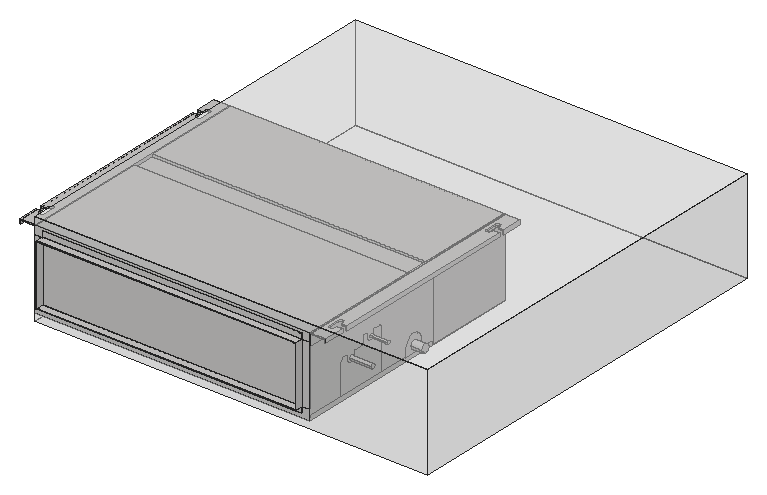
Revit family "outputfile", category 機械設備, Revit 2024
Family settings
  丸型コネクタ寸法 = 半径を使用
  パーツ タイプ = 標準
  OmniClass 番号 = 23.75.10.24.21.27.27
  OmniClass タイトル = Split System Air Conditioning Units
  作業面ベース = いいえ
  常に垂直 = はい
  ロード時にボイドで切り取り = いいえ
  注釈の向きを維持 = いいえ
  共有 = いいえ
  部屋計算ポイント = はい
Parameters (values of type "FDKS35EAVMB")
  Description = ""
  書き出し IFC クラス(タイプ) = "IfcUnitaryEquipmentType"
  定義済み IFC タイプ(タイプ) = "AIRCONDITIONINGUNIT"
  Cost = 0
  Type Comments = ""
  Keynote = ""
  Type Image = (empty or 0)
  Assembly Code = ""
  switch_frequency = yes
  ld_powersupply = Depth / 2  # 310.0 mm
  製造元 = "Daikin"
  モデル = "FDKS35EAVMB"
  r_Liquid Pipe Size = Liquid Pipe Size / 2  # 3.2 mm
  r_Gas Pipe Size = Gas Pipe Size / 2  # 4.75 mm
  r_Drain Pipe Size = Drain Pipe Size / 2  # 10.0 mm
  lw_powersupply = 50.0 mm  # constant formula
  lw_ductflange2 = 620.0 mm
  lw_Width = 660.0 mm
  lh_suctionflange [instance] = 100.0 mm  # constant formula
  ld_suctionflange [instance] = if(Rear Connection_Return Air, 190.0 mm, 100.0 mm)  # 190.0 mm
  connector_voltage = Voltage_50Hz  # 230 V
  connector_powerinput = [Power Input (Cooling)]  # 0.000 kW
  connector_phase = Phase_50Hz  # 1
  angle_vertical_RA [instance] = if(Rear Connection_Return Air, 90.00°, 0.00°)  # 90.00°
  angle horizontal_RA [instance] = if(Rear Connection_Return Air, 180.00°, 270.00°)  # 180.00°
  Voltage_comment_50Hz = "220 - 240"
  Voltage_50Hz = 230 V
  URL = ""
  Supply Air Direction [instance] = yes
  Sound Power Level_H speed (dB) = 0
  Rear Connection_Return Air [instance] = not(Bottom Connection_Return Air)  # yes
  RA_length [instance] = if(Rear Connection_Return Air, 190.0 mm, 100.0 mm)  # 190.0 mm
  Phase_50Hz = 1
  Minimum External Static Pressure = 0.00 Pa
  Minimum Circuit Amps_50Hz = 0.0 A
  Maximum Fuse Amps_50Hz = 0.0 A
  Maximum External Static Pressure = 30.00 Pa
  Material_Casing = DAIKIN_GalvanizedSteel_Casing_indoorunit
  lw_liquidpipe = 46.0 mm  # constant formula
  lw_gaspipe = 57.0 mm  # constant formula
  lw_mountinghole = 740.0 mm
  lw_drainpipe = 30.0 mm  # constant formula
  lh_powersupply = 150.0 mm  # constant formula
  lh_liquidpipe = 90.0 mm  # constant formula
  lh_gaspipe = 113.0 mm  # constant formula
  lh_mountinghole = Height  # 200.0 mm
  lh_drainpipe = 170.0 mm  # constant formula
  lh_antena = 1.0 mm  # constant formula
  ld_liquidpipe = 193.0 mm  # constant formula
  ld_gaspipe = 130.0 mm  # constant formula
  ld_mountinghole = 500.0 mm  # constant formula
  ld_drainpipe = 330.0 mm  # constant formula
  ld_controlbox = 626.0 mm  # constant formula
  h*** = 0.0 mm  # constant formula
  d_dischargeflange = 21.2 mm  # constant formula
  Width = 700.0 mm
  Version = "ver.1.0"
  Unit Type = "Duct (L.S.P)"
  Unit Mass Weight = 21.00 kg
  Unit Designation [instance] = ""
  Uniclass2015Version = "Products v1.30"
  Uniclass2015Title = "Split coil room air conditioning units"
  Uniclass2015Code = "Pr_70_65_03_86"
  Total Cooling Capacity [instance] = 0.000 kW
  Sound Pressure Level_M speed (dBA) = 33
  Sound Pressure Level_L speed (dBA) = 31
  Sound Pressure Level_H speed (dBA) = 35
  Series = "Multi Split_Fan Coil Unit"
  Sensible Cooling Capacity [instance] = 0.000 kW
  SA Duct Size Width = 660.0 mm
  SA Duct Size Height = 153.0 mm
  Refrigerant Type = "R410A"
  RA Duct Size Width = 580.0 mm
  RA Duct Size Height = 160.0 mm
  Power Input (Cooling) = 0.000 kW
  Option Accessory 3 [instance] = ""
  Option Accessory 2 [instance] = ""
  Option Accessory 1 [instance] = ""
  Nominal Cooling Capacity = 3.500 kW
  Minimum Airflow = 438.00 m³/h
  Median Airflow = 480.00 m³/h
  Maximum Airflow = 522.00 m³/h
  Load Classification = HVAC
  Liquid Pipe Size = 6.4 mm
  Link_Nested Family [instance] = ""
  IfcVersion = ""
  IfcExportType = "AIRCONDITIONINGUNIT"
  IfcExportAs = "IfcUnitaryEquipmentType"
  Height = 200.0 mm
  Heat Exchanger Type = "Cross Fin Coil"
  Gas Pipe Size = 9.5 mm
  Frequency_50Hz = 50 Hz
  Fan Type = "Sirocco Fan"
  Fan Drive = "Direct Drive"
  FCU Tag No. [instance] = ""
  Drain Pipe Size = 20.0 mm
  Design Supply Airflow [instance] = 0.00 m³/h
  Design Return Airflow [instance] = 0.00 m³/h
  Design External Static Pressure [instance] = 0.00 Pa
  Depth = 620.0 mm
  既定の高さ = 0.0 mm
  Cooling Entering Wet Bulb Temperature [instance] = 0.00 °C
  Cooling Entering Dry Bulb Temperature [instance] = 0.00 °C
  Cooling Ambient Wet Bulb Temperature [instance] = 0.00 °C
  Cooling Ambient Dry Bulb Temperature [instance] = 0.00 °C
  Clearance visibility [instance] = yes
  Clearance Top = 20.0 mm
  Clearance Right = 300.0 mm
  Clearance Rear = 400.0 mm
  Clearance Left = 0.0 mm
  Clearance Front = 0.0 mm
  Clearance Bottom = 20.0 mm
  Bottom Connection_Return Air [instance] = no
Reference planes
  plane 1 "Center (Front/Back)": y = 0
  plane 2: z = 0
  plane 3 "Center (Left/Right)": x = 0
  plane 4 "Back": y = 310
  plane 5 "Front": y = -310
  plane 6 "Left": x = -350
  plane 7 "Right": x = 350
  plane 8 "Top": z = 0
  plane 9 "Bottom": z = -200
  plane 10: x = -370
  plane 11: x = 370
  plane 12: y = 250
  plane 13: z = 0
  plane 14 "Clearance Left": x = -350
  plane 15 "Clearance Right": x = 650
  plane 16 "Clearance Rear": y = 710
  plane 17 "Clearance Front": y = -310
  plane 18 "Clearance Top": z = 20
  plane 19 "Clearance Bottom": z = -220
  plane 20: y = -250
  plane 21: z = -21
  plane 22: z = -97.5
  plane 23: x = -40
  plane 24: y = 120
  plane 25: z = -100
  plane 26: y = -180
  plane 27: z = -113
  plane 28: y = -117
  plane 29: z = -90
  plane 30: y = 20
  plane 31: z = -170
  plane 32: x = 407
  plane 33: x = 396
  plane 34: x = 380
  plane 35: x = 300
  plane 36: z = -150
Forms (mm)
  Extrusion 1, solid, material "DAIKIN_GalvanizedSteel_Casing_indoorunit" <- "Material_Casing"
    sketch origin (0, 0, 0) x (1, 0, 0) y (0, 1, 0)
      loop
        line (-350, -310) -> (350, -310) -> (350, 310) -> (-350, 310) -> (-350, -310)
    from -200 to 0
  Extrusion 2, void
    sketch origin (0, 0, 1) x (1, 0, 0) y (0, 1, 0)
      loop
        line (-350, 61.5) -> (-350, 3.5) -> (350, 3.5) -> (350, 61.5) -> (-350, 61.5)
    from -1 to -7
  Extrusion 3, solid, material "DAIKIN_GalvanizedSteel_Casing_indoorunit" <- "Material_Casing", visible <- "Bottom Connection_Return Air"
    sketch origin (0, 0, 0) x (1, 0, 0) y (0, 0, 1)
      loop
        line (269, -200) -> (269, -1) -> (-349, -1) -> (-349, -200) -> (269, -200)
    from -310 to -309
  Extrusion 4, solid, material "DAIKIN_GalvanizedSteel_Casing_indoorunit" <- "Material_Casing", visible <- "Rear Connection_Return Air"
    sketch origin (0, 0, 0) x (1, 0, 0) y (0, 1, 0)
      loop
        line (-349, 310) -> (-349, 111) -> (269, 111) -> (269, 310) -> (-349, 310)
    from -200 to -199
  Extrusion 5, solid, material "DAIKIN_GalvanizedSteel_Casing_indoorunit" <- "Material_Casing"
    sketch origin (350, 0, 0) x (0, 1, 0) y (0, 0, 1)
      loop
        circle (-180, -113) r 4.75
    from 0 to 57
  Extrusion 6, solid, material "DAIKIN_GalvanizedSteel_Casing_indoorunit" <- "Material_Casing"
    sketch origin (350, 0, 0) x (0, 1, 0) y (0, 0, 1)
      loop
        circle (-117, -90) r 3.2
    from 0 to 46
  Extrusion 7, solid, material "DAIKIN_GalvanizedSteel_Casing_indoorunit" <- "Material_Casing"
    sketch origin (350, 0, 0) x (0, 1, 0) y (0, 0, 1)
      loop
        circle (20, -170) r 10
    from 0 to 30
  Extrusion 8, solid, material "DAIKIN_GalvanizedSteel_Casing_indoorunit" <- "Material_Casing"
    sketch origin (350, 0, 0) x (0, 1, 0) y (0, 0, 1)
      loop
        line (-310, -200) -> (78.6, -200) -> (78.6, -193)
        arc (78.6, -193) -> (77.721, -190.879) -> (75.6, -190) r 3
        line (75.6, -190) -> (-310, -190) -> (-310, -200)
    from 0 to -1
  Extrusion 9, solid, material "DAIKIN_GalvanizedSteel_Casing_indoorunit" <- "Material_Casing"
    sketch origin (350, 0, 0) x (0, 1, 0) y (0, 0, 1)
      loop
        line (-210, -190) -> (-85.6, -190) -> (-85.6, -83)
        arc (-85.6, -83) -> (-86.479, -80.879) -> (-88.6, -80) r 3
        line (-88.6, -80) -> (-102, -80)
        arc (-102, -80) -> (-104.121, -80.879) -> (-105, -83) r 3
        line (-105, -83) -> (-105, -90)
        arc (-105, -90) -> (-117, -102) -> (-129, -90) r 12
        line (-129, -90) -> (-129, -83)
        arc (-129, -83) -> (-129.879, -80.879) -> (-132, -80) r 3
        line (-132, -80) -> (-136.1, -80)
        arc (-136.1, -80) -> (-138.221, -80.879) -> (-139.1, -83) r 3
        line (-139.1, -83) -> (-139.1, -102.7) -> (-165, -102.7)
        arc (-165, -102.7) -> (-167.121, -103.579) -> (-168, -105.7) r 3
        line (-168, -105.7) -> (-168, -113)
        arc (-168, -113) -> (-180, -125) -> (-192, -113) r 12
        line (-192, -113) -> (-192, -105.7)
        arc (-192, -105.7) -> (-192.879, -103.579) -> (-195, -102.7) r 3
        line (-195, -102.7) -> (-207, -102.7)
        arc (-207, -102.7) -> (-209.121, -103.579) -> (-210, -105.7) r 3
        line (-210, -105.7) -> (-210, -190)
    from 0 to -1
  Extrusion 10, solid, material "DAIKIN_GalvanizedSteel_Casing_indoorunit" <- "Material_Casing"
    sketch origin (350, 0, 0) x (0, 1, 0) y (0, 0, 1)
      loop
        arc (44.5, -170) -> (20, -145.5) -> (-4.5, -170) r 24.5
        line (-4.5, -170) -> (-4.5, -190) -> (44.5, -190) -> (44.5, -170)
    from 0 to -1
  Extrusion 11, solid, material "DAIKIN_GalvanizedSteel_Casing_indoorunit" <- "Material_Casing"
    sketch origin (350, 0, 0) x (0, 1, 0) y (0, 0, 1)
      loop
        arc (86.6, -22) -> (84.479, -22.879) -> (83.6, -25) r 3
        line (83.6, -25) -> (83.6, -194.5)
        arc (83.6, -194.5) -> (84.479, -196.621) -> (86.6, -197.5) r 3
        line (86.6, -197.5) -> (307, -197.5)
        arc (307, -197.5) -> (309.121, -196.621) -> (310, -194.5) r 3
        line (310, -194.5) -> (310, -25)
        arc (310, -25) -> (309.121, -22.879) -> (307, -22) r 3
        line (307, -22) -> (86.6, -22)
    from 0 to -1
Cuts and joins
  Extrusion 2 cuts Extrusion 1
Dimensions and locks
  "Height": plane 8 "Top" to plane 9 "Bottom"
  equal spacing: plane 10, plane 3 "Center (Left/Right)", plane 11
  "lw_mountinghole": plane 10 to plane 11
  equal spacing: plane 6 "Left", plane 3 "Center (Left/Right)", plane 7 "Right"
  "Width": plane 6 "Left" to plane 7 "Right"
  "Clearance Right": plane 7 "Right" to plane 15 "Clearance Right"
  "Clearance Left": plane 14 "Clearance Left" to plane 6 "Left"
  "Clearance Rear": plane 16 "Clearance Rear" to plane 4 "Back"
  "Clearance Front": plane 5 "Front" to plane 17 "Clearance Front"
  "Clearance Top": plane 18 "Clearance Top" to plane 8 "Top"
  "Clearance Bottom": plane 9 "Bottom" to plane 19 "Clearance Bottom"
  "Depth": plane 4 "Back" to plane 5 "Front"
  equal spacing: plane 4 "Back", plane 1 "Center (Front/Back)", plane 5 "Front"
  Extrusion 3 sketch curve to Extrusion 3 sketch curve = 199.0 mm
  locked: plane 20 to plane 5 "Front" at 60
  "ld_mountinghole": plane 12 to plane 20
  locked: plane 8 "Top" to plane 21 at 21
  locked: plane 23 to plane 3 "Center (Left/Right)" at 40
  "ld_suctionflange": plane 4 "Back" to plane 24
  "lh_suctionflange": plane 8 "Top" to plane 25
  "ld_gaspipe": plane 26 to plane 5 "Front"
  "lh_gaspipe": plane 8 "Top" to plane 27
  "ld_liquidpipe": plane 28 to plane 5 "Front"
  "lh_liquidpipe": plane 8 "Top" to plane 29
  "ld_drainpipe": plane 30 to plane 5 "Front"
  "lh_drainpipe": plane 8 "Top" to plane 31
  "lw_gaspipe": plane 7 "Right" to plane 32
  "lw_liquidpipe": plane 7 "Right" to plane 33
  "lw_drainpipe": plane 7 "Right" to plane 34
  "lw_powersupply": plane 35 to plane 7 "Right"
  "lh_powersupply": plane 8 "Top" to plane 36
  "r_Gas Pipe Size": radius of Extrusion 5 sketch curve
  "r_Liquid Pipe Size": radius of Extrusion 6 sketch curve
  "r_Drain Pipe Size": radius of Extrusion 7 sketch curve
  aligned and locked: level to plane 2
  aligned and locked: Extrusion 1 to plane 9 "Bottom"
  aligned and locked: plane 8 "Top" to Extrusion 1
  aligned and locked: plane 11 to nested 2
  aligned and locked: plane 10 to nested 3
  aligned and locked: plane 10 to nested 4
  aligned and locked: plane 8 "Top" to Extrusion 2
  aligned and locked: plane 9 "Bottom" to Extrusion 4  (x2)
  aligned and locked: plane 7 "Right" to cut or joined group of Extrusion 1, Extrusion 2  (x2)
  aligned and locked: plane 3 "Center (Left/Right)" to nested 9
  aligned and locked: plane 6 "Left" to nested 7
  aligned and locked: plane 8 "Top" to nested 9
  aligned and locked: plane 11 to nested 1
  aligned and locked: nested 6 to plane 1 "Center (Front/Back)"
  aligned and locked: plane 3 "Center (Left/Right)" to nested 6
  aligned and locked: level to plane 8 "Top"
  aligned and locked: plane 1 "Center (Front/Back)" to nested 9
  aligned and locked: plane 5 "Front" to nested 10
  aligned and locked: Extrusion 1 sketch curve to plane 5 "Front"
  aligned and locked: plane 21 to nested 10
  aligned and locked: nested 5 to plane 5 "Front"
  aligned and locked: plane 3 "Center (Left/Right)" to nested 5
  aligned and locked: plane 22 to nested 5
  aligned and locked: Extrusion 2 sketch curve to plane 6 "Left"
  aligned and locked: plane 7 "Right" to Extrusion 2 sketch curve
  aligned and locked: nested 11 to plane 23
  aligned and locked: nested 11 to plane 24
  aligned and locked: plane 27 to Extrusion 5 sketch curve
  aligned and locked: plane 26 to Extrusion 5 sketch curve
  aligned and locked: plane 28 to Extrusion 6 sketch curve
  aligned and locked: plane 29 to Extrusion 6 sketch curve
  aligned and locked: plane 31 to Extrusion 7 sketch curve
  aligned and locked: plane 30 to Extrusion 7 sketch curve
  aligned and locked: plane 26 to nested 12
  aligned and locked: nested 12 to plane 27
  aligned and locked: plane 32 to Extrusion 5
  aligned and locked: plane 32 to nested 12
  aligned and locked: plane 33 to Extrusion 6
  aligned and locked: plane 28 to nested 13
  aligned and locked: nested 13 to plane 29
  aligned and locked: plane 33 to nested 13
  aligned and locked: plane 34 to Extrusion 7
  aligned and locked: plane 30 to nested 14
  aligned and locked: nested 14 to plane 31
  aligned and locked: plane 34 to nested 14
  aligned and locked: Extrusion 8 sketch curve to plane 9 "Bottom"
  aligned and locked: Extrusion 8 sketch curve to plane 5 "Front"
  aligned and locked: plane 14 "Clearance Left" to nested 15
  aligned and locked: plane 15 "Clearance Right" to nested 15
  aligned and locked: plane 16 "Clearance Rear" to nested 15
  aligned and locked: nested 15 to plane 17 "Clearance Front"
  aligned and locked: nested 15 to plane 18 "Clearance Top"
  aligned and locked: nested 15 to plane 19 "Clearance Bottom"
  aligned and locked: nested 16 to plane 35
  aligned and locked: nested 16 to plane 36
  aligned and locked: plane 4 "Back" to nested 16
Automatic sketch dimensions
  Extrusion 1 sketch curve to plane 4 "Back" = 0.0 mm
  Extrusion 1 sketch curve to plane 6 "Left" = 0.0 mm
  Extrusion 1 sketch curve to plane 7 "Right" = 0.0 mm
  Extrusion 4 sketch curve to plane 4 "Back" = 0.0 mm
  plane 6 "Left" to Extrusion 3 sketch curve = 1.0 mm
  plane 6 "Left" to Extrusion 4 sketch curve = 1.0 mm
  Extrusion 4 sketch curve to plane 1 "Center (Front/Back)" = 111.0 mm
  Extrusion 3 sketch curve to plane 9 "Bottom" = 0.0 mm
  Extrusion 3 sketch curve to plane 7 "Right" = 81.0 mm
  Extrusion 4 sketch curve to plane 7 "Right" = 81.0 mm
  Extrusion 2 sketch curve to plane 1 "Center (Front/Back)" = 3.5 mm
  Extrusion 2 sketch curve to Extrusion 2 sketch curve = 58.0 mm
  plane 9 "Bottom" to Extrusion 8 sketch curve = 7.0 mm
  Extrusion 8 sketch curve to plane 24 = 44.4 mm
  Extrusion 8 sketch curve to Extrusion 8 sketch curve = 3.0 mm
  Extrusion 9 sketch curve to plane 27 = 0.0 mm
  Extrusion 9 sketch curve to plane 26 = 0.0 mm
  Extrusion 9 sketch curve to plane 29 = 0.0 mm
  Extrusion 9 sketch curve to plane 28 = 0.0 mm
  Extrusion 9 sketch curve to plane 26 = 12.0 mm
  Extrusion 9 sketch curve to plane 25 = 2.7 mm  (x2)
  Extrusion 9 sketch curve to Extrusion 9 sketch curve = 3.0 mm  (x6)
  Extrusion 9 sketch curve to Extrusion 9 sketch curve = 12.0 mm
  plane 9 "Bottom" to Extrusion 9 sketch curve = 10.0 mm
  Extrusion 9 sketch curve to plane 26 = 30.0 mm
  Extrusion 9 sketch curve to plane 28 = 22.1 mm
  Extrusion 9 sketch curve to Extrusion 9 sketch curve = 4.1 mm
  plane 29 to Extrusion 9 sketch curve = 7.0 mm  (x2)
  Extrusion 9 sketch curve to Extrusion 9 sketch curve = 13.4 mm
  Extrusion 10 sketch curve to plane 30 = 0.0 mm
  Extrusion 10 sketch curve to plane 31 = 0.0 mm
  plane 1 "Center (Front/Back)" to Extrusion 10 sketch curve = 4.5 mm
  plane 9 "Bottom" to Extrusion 10 sketch curve = 10.0 mm
  Extrusion 11 sketch curve to plane 4 "Back" = 0.0 mm
  Extrusion 11 sketch curve to Extrusion 11 sketch curve = 3.0 mm  (x3)
  Extrusion 11 sketch curve to plane 21 = 1.0 mm
  Extrusion 11 sketch curve to plane 21 = 4.0 mm
  Extrusion 11 sketch curve to plane 24 = 33.4 mm
  plane 9 "Bottom" to Extrusion 11 sketch curve = 5.5 mm
Nested families
  nested 1: "daikin_mountinghole" at (370, 250, -200), l_antenna <- "lh_antena", Link_Nested Family <- "Link_Nested Family", h_mountinghole <- "lh_mountinghole", type "daikin_mountinghole"
    with show yes, l_antenna 1.0 mm, h_mountinghole 200.0 mm, Link_Nested Family ""
  nested 2: "daikin_mountinghole" at (370, -250, -200), Link_Nested Family <- "Link_Nested Family", l_antenna <- "lh_antena", h_mountinghole <- "lh_mountinghole", type "daikin_mountinghole"
    with show yes, l_antenna 1.0 mm, h_mountinghole 200.0 mm, Link_Nested Family ""
  nested 3: "daikin_mountinghole" at (-370, -250, -200), l_antenna <- "lh_antena", Link_Nested Family <- "Link_Nested Family", h_mountinghole <- "lh_mountinghole", type "daikin_mountinghole"
    with show yes, l_antenna 1.0 mm, h_mountinghole 200.0 mm, Link_Nested Family ""
  nested 4: "daikin_mountinghole" at (-370, 250, -200), l_antenna <- "lh_antena", Link_Nested Family <- "Link_Nested Family", h_mountinghole <- "lh_mountinghole", type "daikin_mountinghole"
    with show yes, l_antenna 1.0 mm, h_mountinghole 200.0 mm, Link_Nested Family ""
  nested 5: "daikin_connector_rotate2" at (0, -310, -97.5), length <- "d_dischargeflange", type "daikin_connector_rotate2"
    with radius 10.0 mm, length 21.2 mm, angle_vertical 90.00°, show_face no
  nested 6: "daikin_△_symbolicline" at (-75, -129.904, 200) x (-0.5, 0.866, 0) z (0, 0, 1), built-in parameter 1001364 <- "Height", visible <- "Supply Air Direction", type "daikin_△_symbolicline"
    with length 300.0 mm
  nested 7: "daikin_ductflange_FDKS-EAVMB_1" at (-40, 310, -100), visible <- "Rear Connection_Return Air", material <- "Material_Casing", width <- "lw_ductflange2", type "daikin_ductflange_FDKS-EAVMB_1"
    with width 620.0 mm, material DAIKIN_GalvanizedSteel_Casing_indoorunit, height 180.0 mm, depth 21.2 mm
  nested 8: "daikin_ductflange_FDKS-EAVMB_1" at (-40, 210, -200) x (1, 0, 0) z (0, 1, 0), visible <- "Bottom Connection_Return Air", material <- "Material_Casing", width <- "lw_ductflange2", type "daikin_ductflange_FDKS-EAVMB_1"
    with width 620.0 mm, material DAIKIN_GalvanizedSteel_Casing_indoorunit, height 180.0 mm, depth 21.2 mm
  nested 9: "daikin_hangerfixture_FDKS-EAVMB" at (0, 0, 0), type "daikin_hangerfixture_FDKS-EAVMB"
  nested 10: "daikin_ductflange_FDKS-EAVMB" at (0, 3.5, -364.201), width <- "lw_Width", material <- "Material_Casing", type "daikin_ductflange_FDKS-EAVMB"
    with width 660.0 mm, material DAIKIN_GalvanizedSteel_Casing_indoorunit, height 155.0 mm, depth 21.2 mm
  nested 11: "daikin_connector_rotate3" at (-40, 120, -100), length <- "RA_length", angle_vertical <- "angle_vertical_RA", angle_horizontal <- "angle horizontal_RA", type "daikin_connector_rotate3"
    with show no, radius 10.0 mm, length 190.0 mm, angle_vertical 90.00°, angle_horizontal 180.00°
  nested 12: "daikin_connector_rotate2" at (350, -180, -113) x (0, 1, 0) z (0, 0, 1), length <- "lw_gaspipe", radius <- "r_Gas Pipe Size", type "daikin_connector_rotate2"
    with radius 4.75 mm, length 57.0 mm, angle_vertical 90.00°, show_face no
  nested 13: "daikin_connector_rotate2" at (350, -117, -90) x (0, 1, 0) z (0, 0, 1), radius <- "r_Liquid Pipe Size", length <- "lw_liquidpipe", type "daikin_connector_rotate2"
    with radius 3.2 mm, length 46.0 mm, angle_vertical 90.00°, show_face no
  nested 14: "daikin_connector_rotate2" at (350, 20, -170) x (0, 1, 0) z (0, 0, 1), radius <- "r_Drain Pipe Size", length <- "lw_drainpipe", type "daikin_connector_rotate2"
    with radius 10.0 mm, length 30.0 mm, angle_vertical 90.00°, show_face no
  nested 15: "daikin_clearancespace" at (150, 200, -99.881), visible <- "Clearance visibility", Link_Nested Family <- "Link_Nested Family", show <- "Clearance visibility", type "daikin_clearancespace"
    with width 1000.0 mm, show yes, height 240.0 mm, depth 1020.0 mm, Link_Nested Family ""
  nested 16: "daikin_connector_rotate2" at (300, 0, -150) x (-1, 0, 0) z (0, 0, 1), length <- "ld_powersupply", type "daikin_connector_rotate2"
    with radius 10.0 mm, length 310.0 mm, angle_vertical 90.00°, show_face no
Connectors
  hvac at (0, -331.2, -97.5), driven by "SA Duct Size Height", driven by "SA Duct Size Width"
    settings: on nested 5, index 1, duct flow 0.00 m³/h, flow factor 0, pres drop 0.00 Pa, loss coef 0, conn angle 0.00°, conn width 660.0 mm, conn height 153.0 mm, conn diameter 609.6 mm, duct sys type 1, conn prof type 1, flow config 0, flow direction 2, loss method 4, conn ref index -1, conn util no, is conn primary yes, conn desc "SA Duct"
  hvac at (-40, 310, -100), driven by "RA Duct Size Height", driven by "RA Duct Size Width"
    settings: on nested 11, index 2, duct flow 0.00 m³/h, flow factor 0, pres drop 0.00 Pa, loss coef 0, conn angle 0.00°, conn width 580.0 mm, conn height 160.0 mm, conn diameter 609.6 mm, duct sys type 2, conn prof type 1, flow config 0, flow direction 1, loss method 4, conn ref index -1, conn util no, is conn primary no, conn desc "RA Duct"
  piping at (407, -180, -113), diameter 9.5, driven by "r_Gas Pipe Size"
    settings: on nested 12, index 3, connector inside diameter 609.6 mm, connector length 0.0 mm, flow factor 0, pipe flow 0.00 m³/h, pressure drop 0.0 Pa, fitting loss kfactor 0, connector angle 0.00°, fixture units 0, engagement length 0.0 mm, angle of deflection 0.00°, flow configuration 1, flow direction 2, fitting loss method 0, system type 29, joint type 0, gender type 0, connector reference index -1, connector utility 0, adjustable connector no, is connector primary yes, connector description "Refrigerant Gas Piping"
  piping at (396, -117, -90), diameter 6.4, driven by "r_Liquid Pipe Size"
    settings: on nested 13, index 4, connector inside diameter 609.6 mm, connector length 0.0 mm, flow factor 0, pipe flow 0.00 m³/h, pressure drop 0.0 Pa, fitting loss kfactor 0, connector angle 0.00°, fixture units 0, engagement length 0.0 mm, angle of deflection 0.00°, flow configuration 1, flow direction 1, fitting loss method 0, system type 29, joint type 0, gender type 0, connector reference index -1, connector utility 0, adjustable connector no, is connector primary no, connector description "Refrigerant Liquid Piping"
  piping at (380, 20, -170), diameter 20, driven by "r_Drain Pipe Size"
    settings: on nested 14, index 5, connector inside diameter 609.6 mm, connector length 0.0 mm, flow factor 0, pipe flow 0.00 m³/h, pressure drop 0.0 Pa, fitting loss kfactor 0, connector angle 0.00°, fixture units 0, engagement length 0.0 mm, angle of deflection 0.00°, flow configuration 1, flow direction 2, fitting loss method 4, system type 16, joint type 0, gender type 0, connector reference index -1, connector utility 0, adjustable connector no, is connector primary no, connector description "Condensate Drain Piping"
  electrical at (300, 310, -150), driven by "Load Classification", driven by "connector_voltage", driven by "connector_phase", driven by "connector_powerinput"
    settings: on nested 16, index 6, voltage 230 V, apparent load 0 VA, apparent load phase1 0 VA, apparent load phase2 0 VA, apparent load phase3 0 VA, power factor 1, load classification "HVAC", number of poles 1, system type 30, power factor state 1, is connector primary yes, connector utility no, sub classification motor no, connector description "Power Supply"
Definition of nested family "daikin_ductflange_FDKS-EAVMB_1"
  Parameters (values of type "daikin_ductflange_FDKS-EAVMB_1")
    width [instance] = 620.0 mm
    material [instance] = none
    height [instance] = 180.0 mm
    depth [instance] = 21.2 mm
    Default Elevation = 0.0 mm
  Reference planes
    plane 1 "Center (Front/Back)": y = 0
    plane 2: z = 0
    plane 3 "Center (Left/Right)": x = 0
    plane 4: x = -310
    plane 5: x = 310
    plane 6: z = 90
    plane 7: z = -90
    plane 8: z = 100
    plane 9: z = -100
    plane 10: x = -309
    plane 11: x = 309
  Forms (mm)
    Extrusion 1, solid, material <- "material"
      sketch origin (0, 0, 0) x (1, 0, 0) y (0, 0, 1)
        loop
          line (-290, 80) -> (-290, -80) -> (290, -80) -> (290, 80) -> (-290, 80)
        loop
          line (-309, -99) -> (309, -99) -> (309, 99) -> (-309, 99) -> (-309, -99)
      from 0 to 1
  Dimensions and locks
    equal spacing: plane 5, plane 3 "Center (Left/Right)", plane 4, locked at 310 each
    "width": plane 5 to plane 4
    equal spacing: plane 6, level, plane 7, locked at 90 each
    "height": plane 6 to plane 7
    equal spacing: plane 8, level, plane 9, locked at 100 each
    locked: plane 8 to plane 9 at 200
    plane 10 to plane 4 = 1.0 mm
    locked: plane 5 to plane 11 at 1
    locked: Extrusion 1 sketch curve to Extrusion 1 sketch curve at 19  (x4)
    locked: plane 8 to Extrusion 1 sketch curve at 1
    locked: Extrusion 1 sketch curve to plane 9 at 1
    aligned and locked: level to plane 2
  Automatic sketch dimensions
    plane 4 to Extrusion 1 sketch curve = 1.0 mm
    Extrusion 1 sketch curve to plane 5 = 1.0 mm
Definition of nested family "daikin_hangerfixture_FDKS-EAVMB"
  Parameters (values of type "daikin_hangerfixture_CDKS-EAVMA")
    width = 700.0 mm
    material = none
    height = 30.0 mm
    depth = 618.0 mm
    Default Elevation = 0.0 mm
  Reference planes
    plane 1 "Center (Front/Back)": y = 0
    plane 2: z = 0
    plane 3 "Center (Left/Right)": x = 0
    plane 4: x = 350
    plane 5: y = 309
    plane 6: y = -309
    plane 7: x = -350
    plane 8: z = -30
  Forms (mm)
    Extrusion 1, solid, material <- "material"
      sketch origin (0, 0, 0) x (1, 0, 0) y (0, 0, 1)
        loop
          line (350, 0) -> (350, -30) -> (352.3, -30) -> (352.3, -2.3) -> (387.7, -2.3) -> (387.7, -10) -> (390, -10) -> (390, 0) -> (350, 0)
      from -309 to 309
    Extrusion 2, void
      sketch origin (0, 0, 0) x (0, 1, 0) y (0, 0, 1)
        loop
          line (309, -30) -> (309, -17.979) -> (87.935, -17.979) -> (75.914, -30) -> (309, -30)
      from 0 to 450
    Extrusion 3, void
      sketch origin (0, 0, 0) x (1, 0, 0) y (0, 1, 0)
        loop
          line (390, -243.5) -> (377, -243.5) -> (377, -237)
          arc (377, -237) -> (370, -230) -> (363, -237) r 7
          line (363, -237) -> (363, -263)
          arc (363, -263) -> (370, -270) -> (377, -263) r 7
          line (377, -263) -> (377, -256.5) -> (390, -256.5) -> (390, -243.5)
        loop
          line (390, 243.5) -> (390, 256.5) -> (377, 256.5) -> (377, 263)
          arc (377, 263) -> (370, 270) -> (363, 263) r 7
          line (363, 263) -> (363, 237)
          arc (363, 237) -> (370, 230) -> (377, 237) r 7
          line (377, 237) -> (377, 243.5) -> (390, 243.5)
      from -254.96 to 618
    Extrusion 4, solid, material <- "material"
      sketch origin (0, 0, 0) x (-1, 0, 0) y (0, 0, -1)
        loop
          line (350, 0) -> (390, 0) -> (390, 10) -> (387.7, 10) -> (387.7, 2.3) -> (352.3, 2.3) -> (352.3, 30) -> (350, 30) -> (350, 0)
      from -309 to 309
    Extrusion 5, void
      sketch origin (0, 0, 0) x (-1, 0, 0) y (0, -1, 0)
        loop
          line (390, 243.5) -> (390, 256.5) -> (377, 256.5) -> (377, 263)
          arc (377, 263) -> (370, 270) -> (363, 263) r 7
          line (363, 263) -> (363, 237)
          arc (363, 237) -> (370, 230) -> (377, 237) r 7
          line (377, 237) -> (377, 243.5) -> (390, 243.5)
        loop
          line (390, -243.5) -> (377, -243.5) -> (377, -237)
          arc (377, -237) -> (370, -230) -> (363, -237) r 7
          line (363, -237) -> (363, -263)
          arc (363, -263) -> (370, -270) -> (377, -263) r 7
          line (377, -263) -> (377, -256.5) -> (390, -256.5) -> (390, -243.5)
      from -254.96 to 618
  Cuts and joins
    Extrusion 2, Extrusion 3, Extrusion 5 cuts Extrusion 1
    Extrusion 5 cuts Extrusion 4
  Dimensions and locks
    equal spacing: plane 5, plane 1 "Center (Front/Back)", plane 6
    "depth": plane 5 to plane 6
    plane 6 to plane 1 "Center (Front/Back)" to plane 5 = 309.0 mm, 309.0 mm
    equal spacing: plane 4, plane 3 "Center (Left/Right)", plane 7
    "width": plane 4 to plane 7
    "height": level to plane 8
    aligned and locked: level to plane 2
    aligned and locked: plane 5 to Extrusion 1
    aligned and locked: Extrusion 1 to plane 6
    aligned and locked: Extrusion 1 to plane 4
    aligned and locked: plane 5 to cut or joined group of Extrusion 1, Extrusion 2, Extrusion 3, Extrusion 5
    aligned and locked: cut or joined group of Extrusion 1, Extrusion 2, Extrusion 3, Extrusion 5 to plane 6
    aligned and locked: level to cut or joined group of Extrusion 1, Extrusion 2, Extrusion 3, Extrusion 5
    aligned and locked: cut or joined group of Extrusion 1, Extrusion 2, Extrusion 3, Extrusion 5 to plane 8
    aligned and locked: plane 5 to cut or joined group of Extrusion 4, Extrusion 5
    aligned and locked: cut or joined group of Extrusion 4, Extrusion 5 to plane 6
  Automatic sketch dimensions
    Extrusion 1 sketch curve to plane 4 = 0.0 mm
    Extrusion 1 sketch curve to plane 8 = 0.0 mm
    Extrusion 1 sketch curve to level = 0.0 mm
    plane 4 to Extrusion 1 sketch curve = 2.3 mm
    Extrusion 1 sketch curve to level = 2.3 mm
    Extrusion 1 sketch curve to Extrusion 1 sketch curve = 35.4 mm
    Extrusion 1 sketch curve to Extrusion 1 sketch curve = 2.3 mm
    Extrusion 1 sketch curve to Extrusion 1 sketch curve = 7.7 mm
    Extrusion 2 sketch curve to plane 8 = 0.0 mm
    Extrusion 2 sketch curve to plane 5 = 0.0 mm
    plane 8 to Extrusion 2 sketch curve = 12.021 mm
    Extrusion 2 sketch curve to plane 1 "Center (Front/Back)" = 87.935 mm
    Extrusion 2 sketch curve to Extrusion 2 sketch curve = 12.021 mm
    plane 4 to Extrusion 3 sketch curve = 13.0 mm  (x2)
    Extrusion 3 sketch curve to Extrusion 3 sketch curve = 7.0 mm  (x4)
    Extrusion 3 sketch curve to Extrusion 3 sketch curve = 13.0 mm  (x4)
    plane 6 to Extrusion 3 sketch curve = 46.0 mm
    Extrusion 3 sketch curve to Extrusion 3 sketch curve = 6.5 mm  (x4)
    Extrusion 3 sketch curve to plane 5 = 72.0 mm
    Extrusion 4 sketch curve to plane 7 = 0.0 mm
    Extrusion 4 sketch curve to plane 8 = 0.0 mm
    Extrusion 4 sketch curve to level = 0.0 mm
    Extrusion 4 sketch curve to plane 7 = 2.3 mm
    Extrusion 4 sketch curve to level = 2.3 mm
    Extrusion 4 sketch curve to Extrusion 4 sketch curve = 35.4 mm
    Extrusion 4 sketch curve to Extrusion 4 sketch curve = 2.3 mm
    Extrusion 4 sketch curve to Extrusion 4 sketch curve = 7.7 mm
    Extrusion 5 sketch curve to plane 7 = 13.0 mm  (x2)
    Extrusion 5 sketch curve to Extrusion 5 sketch curve = 7.0 mm  (x4)
    Extrusion 5 sketch curve to Extrusion 5 sketch curve = 13.0 mm  (x4)
    Extrusion 5 sketch curve to plane 5 = 46.0 mm
    Extrusion 5 sketch curve to Extrusion 5 sketch curve = 6.5 mm  (x4)
    plane 6 to Extrusion 5 sketch curve = 72.0 mm
Definition of nested family "daikin_ductflange_FDKS-EAVMB"
  Parameters (values of type "daikin_ductflange_FXDQ-NDVET")
    width [instance] = 660.0 mm
    material [instance] = none
    height [instance] = 155.0 mm
    depth [instance] = 21.2 mm
    Default Elevation = 0.0 mm
  Reference planes
    plane 1 "Center (Front/Back)": y = 0
    plane 2: z = 189.201
    plane 3 "Center (Left/Right)": x = 0
    plane 4: y = -313.5
    plane 5: x = -330
    plane 6: x = 330
    plane 7: y = -334.7
    plane 8: z = 344.201
    plane 9: z = 266.701
    plane 10: z = 343.201
    plane 11: z = 190.201
  Forms (mm)
    Extrusion 1, solid, material <- "material"
      sketch origin (0, 0, 189.201) x (1, 0, 0) y (0, 1, 0)
        loop
          line (-330, -334.7) -> (-330, -313.5) -> (-350, -313.5) -> (-350, -314.5) -> (-331, -314.5) -> (-331, -334.7) -> (-330, -334.7)
        loop
          line (330, -334.7) -> (331, -334.7) -> (331, -314.5) -> (350, -314.5) -> (350, -313.5) -> (330, -313.5) -> (330, -334.7)
      from 1 to 154
    Extrusion 2, solid, material <- "material"
      sketch origin (0, 0, 0) x (0, 1, 0) y (0, 0, 1)
        loop
          line (-313.5, 343.201) -> (-313.5, 358.201) -> (-314.5, 358.201) -> (-314.5, 344.201) -> (-334.7, 344.201) -> (-334.7, 343.201) -> (-313.5, 343.201)
        loop
          line (-313.5, 190.201) -> (-334.7, 190.201) -> (-334.7, 189.201) -> (-314.5, 189.201) -> (-314.5, 175.201) -> (-313.5, 175.201) -> (-313.5, 190.201)
      from -330 to 330
  Dimensions and locks
    plane 4 to plane 1 "Center (Front/Back)" = 313.5 mm
    "depth": plane 7 to plane 4
    equal spacing: plane 8, plane 9, level
    "height": plane 8 to level
    equal spacing: plane 6, plane 3 "Center (Left/Right)", plane 5
    "width": plane 6 to plane 5
    locked: plane 8 to plane 10 at 1
    locked: plane 11 to level at 1
    locked: Extrusion 1 to Extrusion 2 sketch curve at 1
    locked: Extrusion 2 sketch curve to Extrusion 1 at 1
    plane 10 to plane 11 = 153.0 mm
    aligned and locked: level to plane 2
    aligned and locked: Extrusion 2 to plane 5
    aligned and locked: Extrusion 2 to plane 11
    aligned and locked: Extrusion 2 to plane 10
    aligned and locked: plane 6 to Extrusion 2
    aligned and locked: plane 5 to Extrusion 2  (x2)
    aligned and locked: plane 5 to Extrusion 1  (x2)
    aligned and locked: Extrusion 1 to plane 6
    aligned and locked: plane 6 to Extrusion 1
    aligned and locked: Extrusion 1 to plane 10
  Automatic sketch dimensions
    Extrusion 2 sketch curve to plane 7 = 0.0 mm  (x2)
    Extrusion 2 sketch curve to plane 4 = 0.0 mm  (x2)
    Extrusion 2 sketch curve to plane 11 = 0.0 mm
    Extrusion 2 sketch curve to plane 10 = 0.0 mm
    Extrusion 2 sketch curve to plane 4 = 1.0 mm  (x2)
    Extrusion 2 sketch curve to level = 14.0 mm
    plane 8 to Extrusion 2 sketch curve = 14.0 mm
    Extrusion 1 sketch curve to plane 4 = 0.0 mm  (x2)
    Extrusion 1 sketch curve to plane 7 = 0.0 mm  (x2)
    Extrusion 1 sketch curve to plane 5 = 0.0 mm
    Extrusion 1 sketch curve to plane 6 = 0.0 mm
    Extrusion 1 sketch curve to plane 5 = 1.0 mm
    Extrusion 1 sketch curve to Extrusion 1 sketch curve = 19.0 mm  (x2)
    Extrusion 1 sketch curve to Extrusion 1 sketch curve = 1.0 mm
    Extrusion 1 sketch curve to plane 4 = 1.0 mm  (x2)
Definition of nested family "daikin_clearancespace"
  Parameters (values of type "daikin_clearancespace")
    Description = "daikin_clearancespace"
    width [instance] = 1823.963 mm
    show [instance] = yes
    material = none
    height [instance] = 1359.762 mm
    depth [instance] = 880.0 mm
    Default Elevation = 0.0 mm
    Link_Nested Family [instance] = ""
  Reference planes
    plane 1 "Center (Front/Back)": y = 0
    plane 2 "Center (Elevation)": z = -0.119
    plane 3 "Center (Left/Right)": x = 0
    plane 4: y = 440
    plane 5: y = -440
    plane 6 "Right": x = 911.982
    plane 7 "Left": x = -911.982
    plane 8 "Top": z = 679.762
    plane 9 "Bottom": z = -680
  Forms (mm)
    Extrusion 1, solid, material <- "material", visible <- "show"
      sketch origin (0, 0, 0) x (1, 0, 0) y (0, 1, 0)
        loop
          line (-911.982, 440) -> (-911.982, -440) -> (911.982, -440) -> (911.982, 440) -> (-911.982, 440)
      from -680 to 679.762
  Lines and regions (mm)
    symbolic lines, visible <- "show"
      curve 1: line (911.982, 440, 0) -> (-911.982, 440, 0)
      curve 2: line (-911.982, 440, 0) -> (-911.982, -440, 0)
      curve 3: line (-911.982, -440, 0) -> (911.982, -440, 0)
      curve 4: line (911.982, -440, 0) -> (911.982, 440, 0)
      curve 5: line (911.982, 0, 679.762) -> (-911.982, 0, 679.762)
      curve 6: line (911.982, 0, -680) -> (911.982, 0, 679.762)
      curve 7: line (-911.982, 0, -680) -> (911.982, 0, -680)
      curve 8: line (-911.982, 0, 679.762) -> (-911.982, 0, -680)
      curve 9: line (0, 440, 679.762) -> (0, -440, 679.762)
      curve 10: line (0, -440, 679.762) -> (0, -440, -680)
      curve 11: line (0, 440, -680) -> (0, 440, 679.762)
      curve 12: line (0, -440, -680) -> (0, 440, -680)
  Dimensions and locks
    "width": plane 7 "Left" to plane 6 "Right"
    "depth": plane 4 to plane 5
    "height": plane 8 "Top" to plane 9 "Bottom"
    equal spacing: plane 7 "Left", plane 3 "Center (Left/Right)", plane 6 "Right"
    equal spacing: plane 4, plane 1 "Center (Front/Back)", plane 5
    equal spacing: plane 8 "Top", plane 2 "Center (Elevation)", plane 9 "Bottom"
    aligned and locked: level to plane 2 "Center (Elevation)"
    aligned and locked: Extrusion 1 sketch curve to plane 4
    aligned and locked: plane 7 "Left" to Extrusion 1 sketch curve
    aligned and locked: Extrusion 1 sketch curve to plane 5
    aligned and locked: Extrusion 1 sketch curve to plane 6 "Right"
    aligned and locked: plane 8 "Top" to Extrusion 1
    aligned and locked: curve 1 to Extrusion 1
    aligned and locked: curve 2 to Extrusion 1
    aligned and locked: curve 3 to Extrusion 1
    aligned and locked: curve 4 to Extrusion 1
    aligned and locked: curve 5 to Extrusion 1
    aligned and locked: curve 6 to Extrusion 1
    aligned and locked: curve 7 to Extrusion 1
    aligned and locked: curve 8 to Extrusion 1
    aligned and locked: curve 9 to Extrusion 1
    aligned and locked: curve 10 to Extrusion 1
    aligned and locked: curve 11 to Extrusion 1
    aligned and locked: curve 12 to Extrusion 1
    aligned and locked: Extrusion 1 to plane 9 "Bottom"
Definition of nested family "daikin_mountinghole"
  Parameters (values of type "daikin_mountinghole")
    Default Elevation = 1219.2 mm
    Type Comments = "mountinghole"
    show [instance] = yes
    material = none
    l_centerline = 100.0 mm
    l_antenna [instance] = 100.0 mm
    h_mountinghole [instance] = 0.0 mm
    d_circle = 30.0 mm
    Link_Nested Family [instance] = ""
  Reference planes
    plane 1 "Center (Front/Back)": y = 0
    plane 2: z = 0
    plane 3 "Center (Left/Right)": x = 0
    plane 4: y = 50
    plane 5: x = -50
    plane 6: x = 50
    plane 7: y = -50
    plane 8 "h_mountinghole": z = 0
    plane 9: z = 100
  Lines and regions (mm)
    model lines, detail levels fine
      curve 1: circle (0, 0, 0) r 15 normal (0, 0, 1)
      curve 2: line (-50, 0, 0) -> (50, 0, 0)
      curve 3: line (0, 50, 0) -> (0, -50, 0)
    symbolic lines, detail levels fine
      curve 4: circle (0, 0, 0) r 15 normal (0, 0, 1)
      curve 5: line (-50, 0, 0) -> (50, 0, 0)
      curve 6: line (0, 50, 0) -> (0, -50, 0)
    model lines
      curve 7: line (0, 0, 100) -> (0, 0, 0)
  Dimensions and locks
    equal spacing: plane 4, plane 1 "Center (Front/Back)", plane 7
    "l_centerline": plane 4 to plane 7
    equal spacing: plane 5, plane 3 "Center (Left/Right)", plane 6
    "l_centerline": plane 5 to plane 6
    "l_antenna": plane 9 to plane 8 "h_mountinghole"
    "h_mountinghole": plane 8 "h_mountinghole" to plane 2
    "d_circle": diameter of curve 1
    "d_circle": diameter of curve 4
    aligned and locked: level to plane 2
    aligned and locked: plane 1 "Center (Front/Back)" to curve 1
    aligned and locked: plane 3 "Center (Left/Right)" to curve 1
    aligned and locked: plane 1 "Center (Front/Back)" to curve 2
    aligned and locked: curve 3 to plane 3 "Center (Left/Right)"
    aligned and locked: plane 6 to curve 2
    aligned and locked: plane 5 to curve 2
    aligned and locked: plane 4 to curve 3
    aligned and locked: plane 7 to curve 3
    aligned and locked: plane 1 "Center (Front/Back)" to curve 4
    aligned and locked: plane 3 "Center (Left/Right)" to curve 4
    aligned and locked: plane 6 to curve 5
    aligned and locked: plane 5 to curve 5
    aligned and locked: plane 1 "Center (Front/Back)" to curve 5
    aligned and locked: plane 4 to curve 6
    aligned and locked: plane 7 to curve 6
    aligned and locked: curve 6 to plane 3 "Center (Left/Right)"
    aligned and locked: curve 7 to plane 3 "Center (Left/Right)"
    aligned and locked: plane 9 to curve 7
    aligned and locked: plane 8 "h_mountinghole" to curve 7
Definition of nested family "daikin_connector_rotate2"
  Parameters (values of type "daikin_connector_rotate2")
    show_face = yes
    radius [instance] = 10.0 mm
    length [instance] = 600.0 mm
    d_surface = 10.0 mm
    angle_vertical [instance] = 90.00°
    Default Elevation = 0.0 mm
  Reference planes
    plane 1 "Center (Front/Back)": y = 0
    plane 2: z = 0
    plane 3 "Center (Left/Right)": x = 0
  Forms (mm)
    Extrusion 1, solid, visible <- "show_face"
      sketch origin (0, -600, 0) x (1, 0, 0) y (0, 0, 1)
        loop
          circle (0, 0) r 10
      from 0 to -10
  Lines and regions (mm)
    reference lines
      curve 1: line (0, 0, 0) -> (0, -600, 0)
    symbolic lines
      curve 2: circle (0, 0, 0) r 5 normal (0, 0, 1)
    model lines, visible <- "show_face"
      curve 3: line (0, 0, 0) -> (0, -600, 0)
  Dimensions and locks
    "length": curve 1 to curve 1
    "length": curve 3 to curve 3
    "d_surface": Extrusion 1 to Extrusion 1
    "radius": radius of Extrusion 1 sketch curve
    "angle_vertical": angle curve 1 to plane 1 "Center (Front/Back)"
    "angle_vertical": angle curve 3 to plane 1 "Center (Front/Back)"
    aligned and locked: level to plane 2
    aligned and locked: plane 1 "Center (Front/Back)" to curve 1
    aligned and locked: plane 2 to curve 1
    aligned and locked: plane 1 "Center (Front/Back)" to curve 2
    aligned and locked: plane 3 "Center (Left/Right)" to curve 2
    aligned and locked: plane 1 "Center (Front/Back)" to curve 3
    aligned and locked: plane 2 to curve 3
    aligned and locked: Extrusion 1 to Extrusion 1
  Automatic sketch dimensions
    Extrusion 1 sketch curve to level = 0.0 mm
    Extrusion 1 sketch curve to plane 3 "Center (Left/Right)" = 0.0 mm
    radius of curve 2 = 5.0 mm
Definition of nested family "daikin_△_symbolicline"
  Parameters (values of type "daikin_△_symbolicline")
    length [instance] = 500.0 mm
    Default Elevation = 0.0 mm
  Reference planes
    plane 1 "Center (Front/Back)": y = 0
    plane 2: z = 0
    plane 3 "Center (Left/Right)": x = 0
  Lines and regions (mm)
    symbolic lines
      curve 1: line (0, -433.013, 0) -> (250, 0, 0)
      curve 2: line (250, 0, 0) -> (-250, 0, 0)
      curve 3: line (-250, 0, 0) -> (0, -433.013, 0)
  Dimensions and locks
    equal spacing: curve 3, plane 3 "Center (Left/Right)", curve 2
    "length": curve 3 to curve 2
    "length": curve 3 to curve 3
    "length": curve 1 to curve 1
    aligned and locked: level to plane 2
    aligned and locked: curve 2 to plane 1 "Center (Front/Back)"
    aligned and locked: plane 3 "Center (Left/Right)" to curve 3
Definition of nested family "daikin_connector_rotate3"
  Parameters (values of type "daikin_connector_rotate3")
    Default Elevation = 1219.2 mm
    show [instance] = yes
    radius [instance] = 10.0 mm
    length [instance] = 600.0 mm
    angle_horizontal [instance] = 60.00°
    angle_vertical [instance] = 90.00°
  Reference planes
    plane 1 "Center (Front/Back)": y = 0
    plane 2: z = 0
    plane 3 "Center (Left/Right)": x = 0
  Dimensions and locks
    "angle_horizontal": angle plane 3 "Center (Left/Right)" to nested 1
    aligned and locked: level to plane 2
    aligned and locked: plane 1 "Center (Front/Back)" to nested 1  (x2)
    aligned and locked: plane 3 "Center (Left/Right)" to nested 1
  Nested families
    nested 1: "daikin_connector_rotate2" at (0, 0, 0) x (0.5, 0.866, 0) z (0, 0, 1), angle_vertical <- "angle_vertical", length <- "length", radius <- "radius", type "daikin_connector_rotate2"
      with radius 10.0 mm, length 600.0 mm, angle_vertical 90.00°
  Definition of nested family "daikin_connector_rotate2"
    Parameters (values of type "daikin_connector_rotate2")
      show_face = yes
      radius [instance] = 10.0 mm
      length [instance] = 600.0 mm
      d_surface = 10.0 mm
      angle_vertical [instance] = 90.00°
      Default Elevation = 0.0 mm
    Reference planes
      plane 1 "Center (Front/Back)": y = 0
      plane 2: z = 0
      plane 3 "Center (Left/Right)": x = 0
    Forms (mm)
      Extrusion 1, solid, visible <- "show_face"
        sketch origin (0, -600, 0) x (1, 0, 0) y (0, 0, 1)
          loop
            circle (0, 0) r 10
        from 0 to -10
    Lines and regions (mm)
      reference lines
        curve 1: line (0, 0, 0) -> (0, -600, 0)
      symbolic lines
        curve 2: circle (0, 0, 0) r 5 normal (0, 0, 1)
      model lines, visible <- "show_face"
        curve 3: line (0, 0, 0) -> (0, -600, 0)
    Dimensions and locks
      "length": curve 1 to curve 1
      "length": curve 3 to curve 3
      "d_surface": Extrusion 1 to Extrusion 1
      "radius": radius of Extrusion 1 sketch curve
      "angle_vertical": angle curve 1 to plane 1 "Center (Front/Back)"
      "angle_vertical": angle curve 3 to plane 1 "Center (Front/Back)"
      aligned and locked: level to plane 2
      aligned and locked: plane 1 "Center (Front/Back)" to curve 1
      aligned and locked: plane 2 to curve 1
      aligned and locked: plane 1 "Center (Front/Back)" to curve 2
      aligned and locked: plane 3 "Center (Left/Right)" to curve 2
      aligned and locked: plane 1 "Center (Front/Back)" to curve 3
      aligned and locked: plane 2 to curve 3
      aligned and locked: Extrusion 1 to Extrusion 1
    Automatic sketch dimensions
      Extrusion 1 sketch curve to level = 0.0 mm
      Extrusion 1 sketch curve to plane 3 "Center (Left/Right)" = 0.0 mm
      radius of curve 2 = 5.0 mm
